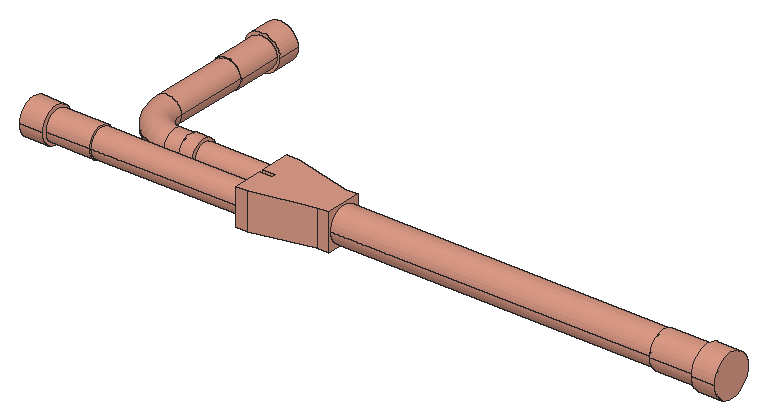
Revit family "outputfile", category 配管付属品, Revit 2024
Family settings
  丸型コネクタ寸法 = 半径を使用
  パーツ タイプ = 標準
  OmniClass 番号 = 23.65.55.00
  OmniClass タイトル = Distribution of Supplied Liquids/Gases
  作業面ベース = いいえ
  常に垂直 = はい
  ロード時にボイドで切り取り = いいえ
  共有 = いいえ
Parameters (values of type "BHFP22R135")
  Description = ""
  製造元 = "Daikin"
  書き出し IFC クラス(タイプ) = "IfcPipeFittingType"
  Default Elevation = 0.0 mm
  定義済み IFC タイプ(タイプ) = "JUNCTION"
  Cost = 0
  モデル = "BHFP22R135"
  Type Comments = ""
  Keynote = ""
  Type Image = (empty or 0)
  Assembly Code = ""
  switch_Offset Reducer(5) [instance] = if(and([judge_JointType(1or2or3)] = 3, Is_PipeToCU_B Reducer = 1, judge_IsOffsetPipe_ToOutdoorUnitB = 1), 1 = 1, 1 = 0)  # no
  switch_Offset Reducer(2) [instance] = if(judge_IsOffsetPipe_ToOutdoorUnitA = 2, 1 = 1, 1 = 0)  # no
  switch_Offset Reducer(1) [instance] = if(judge_IsOffsetPipe_ToOutdoorUnitA = 1, 1 = 1, 1 = 0)  # yes
  table_PipeToCU_B [instance] = if(mm⇔inch, "Multi Module Kit_BHFP22R-_Gas_PipeToCU_B", "Multi Module Kit_BHFP22R-_Gas_PipeToCU_B_inch")  # "Multi Module Kit_BHFP22R-_Gas_PipeToCU_B"
  table_PipeToCU_A [instance] = if(mm⇔inch, "Multi Module Kit_BHFP22R-_Gas_PipeToCU_A", "Multi Module Kit_BHFP22R-_Gas_PipeToCU_A_inch")  # "Multi Module Kit_BHFP22R-_Gas_PipeToCU_A"
  table_ToMainPipe [instance] = if(mm⇔inch, "Multi Module Kit_BHFP22R-_Gas_ToMainPipe", "Multi Module Kit_BHFP22R-_Gas_ToMainPipe_inch")  # "Multi Module Kit_BHFP22R-_Gas_ToMainPipe"
  switch_PipeToCU_B Reducer [instance] = if(and(Is_PipeToCU_B Reducer = 1, judge_IsOffsetPipe_ToOutdoorUnitB = 0), 1 = 1, 1 = 0)  # no
  switch_PipeToCU_B4 [instance] = if(number_PipeToCU_B < 4, 1 = 0, 1 = 1)  # no
  switch_PipeToCU_B3 [instance] = if(number_PipeToCU_B < 3, 1 = 0, 1 = 1)  # no
  switch_PipeToCU_B2 [instance] = if(number_PipeToCU_B < 2, 1 = 0, 1 = 1)  # yes
  switch_PipeToCU_A Reducer [instance] = if(Is_PipeToCU_A Reducer = 1, 1 = 1, 1 = 0)  # yes
  switch_ToMainPipe Reducer [instance] = if(Is_ToMainPipe Reducer = 1, 1 = 1, 1 = 0)  # no
  switch_ToMainPipe2 [instance] = if(number_ToMainPipe < 2, 1 = 0, 1 = 1)  # yes
  switch_Offset Reducer(4) [instance] = if(and([judge_JointType(1or2or3)] = 1, Is_PipeToCU_B Reducer = 1, judge_IsOffsetPipe_ToOutdoorUnitB = 1), 1 = 1, 1 = 0)  # no
  switch_Offset Reducer(3) [instance] = if(and([judge_JointType(1or2or3)] = 2, Is_PipeToCU_B Reducer = 1, judge_IsOffsetPipe_ToOutdoorUnitB = 1), 1 = 1, 1 = 0)  # no
  r_PipeToCU_B_ActualDiameter [instance] = PipeToCU_B_Gas_ActualDiameter / 2  # 17.45 mm
  r_PipeToCU_A_ActualDiameter [instance] = PipeToCU_A_Gas_ActualDiameter / 2  # 17.45 mm
  r_ToMainPipe_ActualDiameter [instance] = ToMainPipe_Gas_ActualDiameter / 2  # 20.65 mm
  number_PipeToCU_B ReducerPipe [instance] = size_lookup(table_PipeToCU_B, "reducerPipeNumber", 2, モデル, judge_IsOffsetPipe_ToOutdoorUnitB, PipeToCU_B_Gas_ActualDiameter)  # 2
  number_PipeToCU_B [instance] = size_lookup(table_PipeToCU_B, "pipeNumber", 2, モデル, judge_IsOffsetPipe_ToOutdoorUnitB, PipeToCU_B_Gas_ActualDiameter)  # 2
  number_PipeToCU_A ReducerPipe [instance] = size_lookup(table_PipeToCU_A, "reducerPipeNumber", 2, モデル, PipeToCU_A_Gas_ActualDiameter)  # 2
  number_ToMainPipe [instance] = size_lookup(table_ToMainPipe, "pipeNumber", 2, モデル, ToMainPipe_Gas_ActualDiameter)  # 2
  mm⇔inch [instance] = yes
  judge_IsOffsetPipe_ToOutdoorUnitA = 1
  Unit Type = "BHFP22R-_Gas"
  Uniclass2015Version = "Products v1.31"
  Uniclass2015Title = "Copper pipe fittings"
  Uniclass2015Code = "Pr_65_52_63_18"
  URL = ""
  ToMainPipe_Gas_Status [instance] = size_lookup(table_ToMainPipe, "Information", "The connected pipe size is not available.", モデル, ToMainPipe_Gas_ActualDiameter)  # "Default connector size is used."
  ToMainPipe_Gas_ActualDiameter [instance] = 41.3 mm
  Tag No. [instance] = ""
  Series = "Multi Module kit"
  PipeToCU_B_Gas_Status [instance] = size_lookup(table_PipeToCU_B, "Information", "The connected pipe size is not available.", モデル, judge_IsOffsetPipe_ToOutdoorUnitB, PipeToCU_B_Gas_ActualDiameter)  # "Default connector size is used."
  PipeToCU_B_Gas_ActualDiameter [instance] = 34.9 mm
  PipeToCU_A_Gas_Status [instance] = size_lookup(table_PipeToCU_A, "Information", "The connected pipe size is not available.", モデル, PipeToCU_A_Gas_ActualDiameter)  # "Reducer is used at connector."
  PipeToCU_A_Gas_ActualDiameter [instance] = 34.9 mm
  Material_Piping = DAIKIN_Copper_Pipe
  Material_Insulation = DAIKIN_White_Insulation
  location_PipeToCU_B connector [instance] = size_lookup(table_PipeToCU_B, "Locationconnector", 0.0 mm, モデル, judge_IsOffsetPipe_ToOutdoorUnitB, PipeToCU_B_Gas_ActualDiameter)  # 0.0 mm
  location_PipeToCU_A connector [instance] = size_lookup(table_PipeToCU_A, "Locationconnector", 144.0 mm, モデル, PipeToCU_A_Gas_ActualDiameter)  # 144.0 mm
  l_PipeToCU_B connector [instance] = size_lookup(table_PipeToCU_B, "Length", 223.0 mm, モデル, judge_IsOffsetPipe_ToOutdoorUnitB, PipeToCU_B_Gas_ActualDiameter)  # 223.0 mm
  l_PipeToCU_B Reducer [instance] = 100.0 mm  # constant formula
  l_PipeToCU_B4 [instance] = size_lookup(table_PipeToCU_B, "L_Pipe4", 2.0 mm, モデル)  # 2.0 mm
  l_PipeToCU_B3 [instance] = size_lookup(table_PipeToCU_B, "L_Pipe3", 2.0 mm, モデル)  # 2.0 mm
  l_PipeToCU_B2 [instance] = size_lookup(table_PipeToCU_B, "L_Pipe2", 24.0 mm, モデル)  # 24.0 mm
  l_PipeToCU_B1 [instance] = size_lookup(table_PipeToCU_B, "L_Pipe1", 46.0 mm, モデル)  # 46.0 mm
  l_PipeToCU_B0 [instance] = size_lookup(table_PipeToCU_B, "L_Pipe0", 153.0 mm, モデル)  # 153.0 mm
  l_PipeToCU_A connector [instance] = size_lookup(table_PipeToCU_A, "Length", 187.0 mm, モデル, PipeToCU_A_Gas_ActualDiameter)  # 187.0 mm
  l_PipeToCU_A1 [instance] = size_lookup(table_PipeToCU_A, "L_Pipe1", 14.0 mm, モデル)  # 14.0 mm
  l_PipeToCU_A0 [instance] = size_lookup(table_PipeToCU_A, "L_Pipe0", 74.0 mm, モデル)  # 74.0 mm
  l_ToMainPipe connector [instance] = size_lookup(table_ToMainPipe, "Length", 404.0 mm, モデル, ToMainPipe_Gas_ActualDiameter)  # 404.0 mm
  l_ToMainPipe Reducer [instance] = size_lookup(table_ToMainPipe, "L_Reducer", 2.0 mm, モデル, ToMainPipe_Gas_ActualDiameter)  # 2.0 mm
  l_ToMainPipe2 [instance] = size_lookup(table_ToMainPipe, "L_Pipe2", 24.0 mm, モデル)  # 24.0 mm
  l_ToMainPipe1 [instance] = size_lookup(table_ToMainPipe, "L_Pipe1", 46.0 mm, モデル)  # 46.0 mm
  l_ToMainPipe0 [instance] = size_lookup(table_ToMainPipe, "L_Pipe0", 334.0 mm, モデル)  # 334.0 mm
  judge_IsOffsetPipe_ToOutdoorUnitB [instance] = if(OffsetPipe_ToNextCU, 1, 0)  # 0
  judge_JointType(1or2or3) = 3
  count_PipeToCU_B Reducer [instance] = size_lookup(table_PipeToCU_B, "reducerCount", 0, モデル, judge_IsOffsetPipe_ToOutdoorUnitB, PipeToCU_B_Gas_ActualDiameter)  # 0
  count_PipeToCU_A Reducer [instance] = size_lookup(table_PipeToCU_A, "reducerCount", 1, モデル, PipeToCU_A_Gas_ActualDiameter)  # 1
  angle_PipeToCU_A Pipe [instance] = if(RotateBranchPipetoCU_A_90°, 90.00°, 0.00°)  # 0.00°
  angle_PipeToCU_A Connector [instance] = angle_PipeToCU_A Pipe + 90.00°  # 90.00°
  PipeToCU_B_Gas_AvailableDiameter [instance] = size_lookup(table_PipeToCU_B, "sizeVariation", "", モデル, judge_IsOffsetPipe_ToOutdoorUnitB)  # "28.6/34.9mm"
  PipeToCU_A_Gas_AvailableDiameter [instance] = size_lookup(table_PipeToCU_A, "sizeVariation", "", モデル)  # "28.6/34.9mm"
  ToMainPipe_Gas_AvailableDiameter [instance] = size_lookup(table_ToMainPipe, "sizeVariation", "", モデル)  # "34.9/41.3mm"
  RotateBranchPipetoCU_A_90° [instance] = no
  OffsetPipe_ToNextCU [instance] = no
  O.D_ToMainPipe Reducer [instance] = size_lookup(table_ToMainPipe, "O.D_reducer", 2.0 mm, モデル, ToMainPipe_Gas_ActualDiameter)  # 2.0 mm
  Link_Nested Family [instance] = ""
  Is_PipeToCU_B Reducer [instance] = size_lookup(table_PipeToCU_B, "IsReducer", 0, モデル, judge_IsOffsetPipe_ToOutdoorUnitB, PipeToCU_B_Gas_ActualDiameter)  # 0
  Is_PipeToCU_A Reducer [instance] = size_lookup(table_PipeToCU_A, "IsReducer", 1, モデル, PipeToCU_A_Gas_ActualDiameter)  # 1
  Is_ToMainPipe Reducer [instance] = size_lookup(table_ToMainPipe, "IsReducer", 0, モデル, ToMainPipe_Gas_ActualDiameter)  # 0
  IfcVersion = ""
  IfcExportType = "JUNCTION"
  IfcExportAs = "IfcPipeFittingType"
  Attach_Insulation [instance] = no
  I.D_PipeToCU_B4 [instance] = size_lookup(table_PipeToCU_B, "I.D_PipeSize4", 2.0 mm, モデル)  # 2.0 mm
  I.D_PipeToCU_B3 [instance] = size_lookup(table_PipeToCU_B, "I.D_PipeSize3", 2.0 mm, モデル)  # 2.0 mm
  I.D_PipeToCU_B2 [instance] = size_lookup(table_PipeToCU_B, "I.D_PipeSize2", 34.9 mm, モデル)  # 34.9 mm
  I.D_PipeToCU_B1 [instance] = size_lookup(table_PipeToCU_B, "I.D_PipeSize1", 28.6 mm, モデル)  # 28.6 mm
  I.D_PipeToCU_B0 [instance] = size_lookup(table_PipeToCU_B, "I.D_PipeSize0", 26.6 mm, モデル)  # 26.6 mm
  I.D_PipeToCU_A1 = 28.6 mm
  I.D_PipeToCU_A0 [instance] = 23.4 mm  # constant formula
  I.D_ToMainPipe Reducer [instance] = size_lookup(table_ToMainPipe, "I.D_reducer", 2.0 mm, モデル, ToMainPipe_Gas_ActualDiameter)  # 2.0 mm
  I.D_ToMainPipe2 [instance] = size_lookup(table_ToMainPipe, "I.D_PipeSize2", 41.3 mm, モデル)  # 41.3 mm
  I.D_ToMainPipe1 [instance] = size_lookup(table_ToMainPipe, "I.D_PipeSize1", 34.9 mm, モデル)  # 34.9 mm
  I.D_ToMainPipe0 [instance] = size_lookup(table_ToMainPipe, "I.D_PipeSize0", 32.9 mm, モデル)  # 32.9 mm
Reference planes
  plane 1 "Center (Front/Back)": y = 0
  plane 2: z = 0
  plane 3 "Center (Left/Right)": x = 225.65
  plane 4: x = 201.65
  plane 5: x = 155.65
  plane 6: x = -178.35
  plane 7: x = -263.35
  plane 8: x = -351.35
  plane 9: x = -416.35
  plane 10: x = -462.35
  plane 11: x = -486.35
  plane 12: x = -488.35
  plane 13: x = -490.35
  plane 14: y = 17.5
  plane 15: y = -17.5
  plane 16: x = -337.35
  plane 17: x = -128.35
  plane 18 "ToMainPipe_connector": x = 225.65
  plane 19 "connector_OutdoorunitA": x = -407.35
  plane 20 "connector_ToOutdoorUnitB": x = -486.35
  plane 21: y = -17.5
  plane 22: z = 19
  plane 23: z = -19
Forms (mm)
  Extrusion 1, solid, material "DAIKIN_Copper_Pipe" <- "Material_Piping"
    sketch origin (0, 0, 0) x (1, 0, 0) y (0, 1, 0)
      loop
        line (-263.35, 2) -> (-251.35, 2) -> (-251.35, -2) -> (-263.35, -2) -> (-263.35, -33.25) -> (-251.35, -33.25) -> (-190.35, -19) -> (-178.35, -19) -> (-178.35, 19) -> (-190.35, 19) -> (-251.35, 33.25) -> (-263.35, 33.25) -> (-263.35, 2)
    from -19 to 19
Dimensions and locks
  locked: plane 6 to plane 17 at 50
  "l_PipeToCU_A0": plane 16 to plane 7
  "l_PipeToCU_A1": plane 8 to plane 16
  "l_PipeToCU_B0": plane 9 to plane 7
  "l_PipeToCU_B1": plane 10 to plane 9
  "l_PipeToCU_B2": plane 11 to plane 10
  "l_PipeToCU_B3": plane 12 to plane 11
  "l_PipeToCU_B4": plane 13 to plane 12
  plane 7 to plane 6 = 85.0 mm
  "l_ToMainPipe1": plane 5 to plane 4
  "l_ToMainPipe2": plane 4 to plane 3 "Center (Left/Right)"
  "l_ToMainPipe0": plane 6 to plane 5
  "l_ToMainPipe connector": plane 6 to plane 18 "ToMainPipe_connector"
  "location_PipeToCU_A connector": plane 19 "connector_OutdoorunitA" to plane 7
  "l_PipeToCU_B connector": plane 20 "connector_ToOutdoorUnitB" to plane 7
  plane 14 to plane 1 "Center (Front/Back)" to plane 15 = 17.5 mm, 17.5 mm
  equal spacing: Extrusion 1 sketch curve, plane 1 "Center (Front/Back)", Extrusion 1 sketch curve  (x3)
  Extrusion 1 sketch curve to Extrusion 1 sketch curve = 38.0 mm
  Extrusion 1 sketch curve to Extrusion 1 sketch curve = 66.5 mm
  plane 7 to Extrusion 1 sketch curve = 12.0 mm  (x2)
  Extrusion 1 sketch curve to plane 6 = 12.0 mm  (x2)
  Extrusion 1 sketch curve to Extrusion 1 sketch curve = 4.0 mm
  "location_PipeToCU_B connector": plane 21 to plane 15
  equal spacing: plane 22, plane 2, plane 23
  locked: plane 22 to plane 23 at 38
  aligned and locked: level to plane 2
  aligned and locked: plane 2 to nested 1
  aligned and locked: plane 1 "Center (Front/Back)" to nested 1
  aligned and locked: plane 3 "Center (Left/Right)" to nested 1
  aligned and locked: plane 4 to nested 1
  aligned and locked: plane 4 to nested 2
  aligned and locked: plane 5 to nested 2
  aligned and locked: plane 5 to nested 3
  aligned and locked: plane 6 to nested 3
  aligned and locked: plane 6 to Extrusion 1
  aligned and locked: plane 7 to nested 4
  aligned and locked: plane 8 to nested 5
  aligned and locked: plane 16 to nested 5
  aligned and locked: nested 5 to plane 14
  aligned and locked: nested 6 to plane 15
  aligned and locked: plane 7 to nested 6
  aligned and locked: plane 9 to nested 6
  aligned and locked: plane 10 to nested 7
  aligned and locked: plane 9 to nested 7
  aligned and locked: plane 11 to nested 8
  aligned and locked: plane 10 to nested 8
  aligned and locked: plane 12 to nested 9
  aligned and locked: plane 11 to nested 9
  aligned and locked: plane 13 to nested 10
  aligned and locked: plane 12 to nested 10
  aligned and locked: nested 10 to plane 15
  aligned and locked: nested 9 to plane 15
  aligned and locked: nested 8 to plane 15
  aligned and locked: nested 7 to plane 15
  aligned and locked: plane 1 "Center (Front/Back)" to nested 11
  aligned and locked: plane 16 to nested 4
  aligned and locked: nested 13 to plane 15
  aligned and locked: nested 14 to plane 15
  aligned and locked: plane 1 "Center (Front/Back)" to nested 15
  aligned and locked: plane 18 "ToMainPipe_connector" to nested 15
  aligned and locked: plane 6 to nested 16
  aligned and locked: plane 1 "Center (Front/Back)" to nested 3
  aligned and locked: plane 14 to nested 17
  aligned and locked: nested 17 to plane 19 "connector_OutdoorunitA"
  aligned and locked: nested 18 to plane 7
  aligned and locked: plane 15 to nested 19
  aligned and locked: nested 19 to plane 10
  aligned and locked: nested 4 to plane 14
  aligned and locked: Extrusion 1 sketch curve to Extrusion 1 sketch curve
  aligned and locked: nested 21 to plane 15
  aligned and locked: plane 6 to nested 11
  aligned and locked: nested 21 to plane 10
  aligned and locked: plane 22 to Extrusion 1
  aligned and locked: Extrusion 1 to plane 23
  aligned and locked: nested 20 to plane 14
  aligned and locked: nested 12 to plane 14
  aligned and locked: nested 18 to plane 21
  aligned and locked: nested 14 to plane 10
  aligned and locked: nested 13 to plane 10
  aligned and locked: plane 8 to nested 20
  aligned and locked: plane 8 to nested 12
Automatic sketch dimensions
  Extrusion 1 sketch curve to plane 7 = 0.0 mm  (x2)
  Extrusion 1 sketch curve to plane 6 = 0.0 mm
Nested families
  nested 1: "daikin_Pipe" at (213.65, 0, 0), I.D_Pipe <- "I.D_ToMainPipe2", display <- "switch_ToMainPipe2", type "*"
    with length_Pipe 24.0 mm, display yes, O.D_Pipe 43.3 mm, I.D_Pipe 41.3 mm
  nested 2: "daikin_Pipe" at (178.65, 0, 0), I.D_Pipe <- "I.D_ToMainPipe1", type "*"
    with length_Pipe 46.0 mm, display yes, O.D_Pipe 36.9 mm, I.D_Pipe 34.9 mm
  nested 3: "daikin_Pipe" at (-11.35, 0, 0), I.D_Pipe <- "I.D_ToMainPipe0", type "*"
    with length_Pipe 334.0 mm, display yes, O.D_Pipe 34.9 mm, I.D_Pipe 32.9 mm
  nested 4: "daikin_Pipe" at (-300.35, 17.5, 0), I.D_Pipe <- "I.D_PipeToCU_A0", type "*"
    with length_Pipe 74.0 mm, display yes, O.D_Pipe 25.4 mm, I.D_Pipe 23.4 mm
  nested 5: "daikin_Pipe" at (-344.35, 17.5, 0), I.D_Pipe <- "I.D_PipeToCU_A1", type "*"
    with length_Pipe 14.0 mm, display yes, O.D_Pipe 30.6 mm, I.D_Pipe 28.6 mm
  nested 6: "daikin_Pipe" at (-339.85, -17.5, 0), I.D_Pipe <- "I.D_PipeToCU_B0", type "*"
    with length_Pipe 153.0 mm, display yes, O.D_Pipe 28.6 mm, I.D_Pipe 26.6 mm
  nested 7: "daikin_Pipe" at (-439.35, -17.5, 0), I.D_Pipe <- "I.D_PipeToCU_B1", type "*"
    with length_Pipe 46.0 mm, display yes, O.D_Pipe 30.6 mm, I.D_Pipe 28.6 mm
  nested 8: "daikin_Pipe" at (-474.35, -17.5, 0), I.D_Pipe <- "I.D_PipeToCU_B2", display <- "switch_PipeToCU_B2", type "*"
    with length_Pipe 24.0 mm, display yes, O.D_Pipe 36.9 mm, I.D_Pipe 34.9 mm
  nested 9: "daikin_Pipe" at (-487.35, -17.5, 0), display <- "switch_PipeToCU_B3", I.D_Pipe <- "I.D_PipeToCU_B3", visible <- "switch_PipeToCU_B3", type "*"
    with length_Pipe 2.0 mm, display no, O.D_Pipe 4.0 mm, I.D_Pipe 2.0 mm
  nested 10: "daikin_Pipe" at (-489.35, -17.5, 0), display <- "switch_PipeToCU_B4", I.D_Pipe <- "I.D_PipeToCU_B4", visible <- "switch_PipeToCU_B4", type "*"
    with length_Pipe 2.0 mm, display no, O.D_Pipe 4.0 mm, I.D_Pipe 2.0 mm
  nested 11: "daikin_MultiModeluKit_Insulation" at (-178.35, 0, 0), display <- "Attach_Insulation", type "*"
    with h 54.2 mm, display no, I.D_Outlet PipeSize 22.2 mm
  nested 12: "daikin_Multi Module kit_Reducer90_rotate_1" at (-351.35, 17.5, 0), number_reducerPipe <- "number_PipeToCU_A ReducerPipe", angle_Pipe <- "angle_PipeToCU_A Pipe", I.D_connector <- "PipeToCU_A_Gas_ActualDiameter", visible <- "switch_Offset Reducer(1)", type "*"
    with number_reducerPipe 2, display_Pipe4 no, display_Pipe3 no, display_Pipe2 yes, display_41.3 no, display_34.9 no, display_28.6 no, angle_Pipe 0.00°, I.D_connector 34.9 mm
  nested 13: "daikin_Multi Module kit_Reducer Offset1" at (-462.35, -17.5, 0), number_reducerPipe <- "number_PipeToCU_B ReducerPipe", visible <- "switch_Offset Reducer(3)", type "*"
    with number_reducerPipe 2, display_Pipe4 no, display_Pipe3 no, display_Pipe2 yes
  nested 14: "daikin_Multi Module kit_Reducer Offset2" at (-462.35, -17.5, 0), number_reducerPipe <- "number_PipeToCU_B ReducerPipe", visible <- "switch_Offset Reducer(4)", type "*"
    with number_reducerPipe 2, display_Pipe2 yes, display_41.3 no, display_34.9 no, I.D_connector 19.1 mm
  nested 15: "daikin_Pipe_reducer" at (224.65, 0, 0), I.D_Pipe1 <- "I.D_ToMainPipe Reducer", O.D_Pipe2 <- "O.D_ToMainPipe Reducer", length_Pipe <- "l_ToMainPipe Reducer", display <- "switch_ToMainPipe Reducer", type "*"
    with length_Pipe 2.0 mm, display no, O.D_Pipe2 2.0 mm, O.D_Pipe1 4.0 mm, I.D_Pipe2 0.0 mm, I.D_Pipe1 2.0 mm
  nested 16: "daikin_connector_rotate3" at (-178.35, 0, 0) x (0, 1, 0) z (0, 0, 1), length <- "l_ToMainPipe connector", type "daikin_connector_rotate3"
    with radius 10.0 mm, length 404.0 mm, angle_vertical 90.00°, angle_horizontal 0.00°
  nested 17: "daikin_connector_rotate3" at (-407.35, 17.5, 0) x (-1, 0, 0) z (0, 0, 1), length <- "l_PipeToCU_A connector", angle_vertical <- "angle_PipeToCU_A Connector", type "daikin_connector_rotate3"
    with radius 10.0 mm, length 187.0 mm, angle_vertical 90.00°, angle_horizontal 0.00°
  nested 18: "daikin_connector_rotate3" at (-263.35, -17.5, 0) x (0, -1, 0) z (0, 0, 1), length <- "l_PipeToCU_B connector", type "daikin_connector_rotate3"
    with radius 10.0 mm, length 223.0 mm, angle_vertical 90.00°, angle_horizontal 0.00°
  nested 19: "daikin_Pipe_reducer3_(6)(10)" at (-512.35, -17.5, 0) x (-1, 0, 0) z (0, 0, 1), visible <- "switch_PipeToCU_B Reducer", number_ReducerPipe <- "number_PipeToCU_B ReducerPipe", type "*"
    with number_ReducerPipe 2, length_Pipe 100.0 mm, display_Pipe2 yes, O.D_Pipe3 28.6 mm, O.D_Pipe2 27.4 mm, O.D_Pipe1 24.2 mm, I.D_Reducer 22.2 mm, I.D_Pipe3 26.6 mm, I.D_Pipe2 25.4 mm, I.D_Pipe1 22.2 mm
  nested 20: "daikin_Multi Module kit_Reducer90_rotate_2" at (-351.35, 17.5, 0), angle_Pipe <- "angle_PipeToCU_A Pipe", I.D_connector <- "PipeToCU_A_Gas_ActualDiameter", visible <- "switch_Offset Reducer(2)", number_reducerPipe <- "number_PipeToCU_A ReducerPipe", type "*"
    with number_reducerPipe 2, display_Pipe4 no, display_Pipe3 no, display_Pipe2 yes, display_41.3 no, display_34.9 no, display_28.6 no, angle_Pipe 0.00°, I.D_connector 34.9 mm
  nested 21: "daikin_Multi Module kit_Reducer Offset3" at (-462.35, -17.5, 0), visible <- "switch_Offset Reducer(5)", I.D_connector <- "PipeToCU_B_Gas_ActualDiameter", number_reducerPipe <- "number_PipeToCU_B ReducerPipe", type "*"
    with number_reducerPipe 2, display_Pipe4 no, display_Pipe3 no, display_Pipe2 yes, I.D_connector 34.9 mm
Connectors
  piping at (225.65, 0, 0), diameter 41.3, driven by "r_ToMainPipe_ActualDiameter"
    settings: on nested 16, index 1, connector inside diameter 609.6 mm, connector length 0.0 mm, flow factor 0, pipe flow 0.00 m³/h, pressure drop 0.0 Pa, fitting loss kfactor 0, connector angle 0.00°, fixture units 0, engagement length 0.0 mm, angle of deflection 0.00°, flow configuration 0, flow direction 1, fitting loss method 0, system type 29, joint type 0, gender type 0, connector reference index -1, connector utility 0, adjustable connector no, is connector primary yes, connector description "Multi Module kit_to Main Pipe_Gas"
  piping at (-407.35, 204.5, 0), diameter 34.9, driven by "r_PipeToCU_A_ActualDiameter"
    settings: on nested 17, index 2, connector inside diameter 609.6 mm, connector length 0.0 mm, flow factor 0, pipe flow 0.00 m³/h, pressure drop 0.0 Pa, fitting loss kfactor 0, connector angle 0.00°, fixture units 0, engagement length 0.0 mm, angle of deflection 0.00°, flow configuration 0, flow direction 2, fitting loss method 0, system type 29, joint type 0, gender type 0, connector reference index -1, connector utility 0, adjustable connector no, is connector primary no, connector description "Multi Module kit_Piping to CU-A_Gas"
  piping at (-486.35, -17.5, 0), diameter 34.9, driven by "r_PipeToCU_B_ActualDiameter"
    settings: on nested 18, index 3, connector inside diameter 609.6 mm, connector length 0.0 mm, flow factor 0, pipe flow 0.00 m³/h, pressure drop 0.0 Pa, fitting loss kfactor 0, connector angle 0.00°, fixture units 0, engagement length 0.0 mm, angle of deflection 0.00°, flow configuration 0, flow direction 2, fitting loss method 0, system type 29, joint type 0, gender type 0, connector reference index -1, connector utility 0, adjustable connector no, is connector primary no, connector description "Multi Module kit_Piping to CU-B_Gas"
Definition of nested family "daikin_Pipe"
  Parameters (values of type "*")
    Default Elevation = 0.0 mm
    material = none
    length_Pipe [instance] = 150.0 mm
    display [instance] = yes
    O.D_Pipe [instance] = I.D_Pipe + 2.0 mm  # 27.0 mm
    I.D_Pipe [instance] = 25.0 mm
  Reference planes
    plane 1 "Center (Front/Back)": y = 0
    plane 2 "center(vertical)": z = 0
    plane 3 "Center (Left/Right)": x = 0
    plane 4 "left": x = -75
    plane 5 "right": x = 75
  Forms (mm)
    Extrusion 1, solid, material <- "material", visible <- "display"
      sketch origin (0, 0, 0) x (0, 1, 0) y (0, 0, 1)
        loop
          circle (0, 0) r 13.5
      from -75 to 75
  Dimensions and locks
    equal spacing: plane 4 "left", plane 3 "Center (Left/Right)", plane 5 "right"
    "length_Pipe": plane 4 "left" to plane 5 "right"
    "O.D_Pipe": diameter of Extrusion 1 sketch curve
    aligned and locked: level to plane 2 "center(vertical)"
    aligned and locked: plane 2 "center(vertical)" to Extrusion 1 sketch curve
    aligned and locked: plane 1 "Center (Front/Back)" to Extrusion 1 sketch curve
    aligned and locked: plane 5 "right" to Extrusion 1
    aligned and locked: Extrusion 1 to plane 4 "left"
Definition of nested family "daikin_Multi Module kit_Reducer90_rotate_1"
  Parameters (values of type "*")
    Default Elevation = 0.0 mm
    number_reducerPipe [instance] = 2
    material_Pipe = none
    display_Pipe4 [instance] = if(number_reducerPipe < 4, 1 = 0, 1 = 1)  # no
    display_Pipe3 [instance] = if(number_reducerPipe < 3, 1 = 0, 1 = 1)  # no
    display_Pipe2 [instance] = if(number_reducerPipe < 2, 1 = 0, 1 = 1)  # yes
    display_41.3 [instance] = no
    display_34.9 [instance] = no
    display_28.6 [instance] = no
    angle_Pipe [instance] = 0.00°
    I.D_connector [instance] = 34.9 mm
  Reference planes
    plane 1 "Center (Front/Back)": y = 0
    plane 2: z = 0
    plane 3 "Center (Left/Right)": x = 0
  Lines and regions (mm)
    reference lines
      curve 1: line (0, 0, 0) -> (0, 585, 0)
      curve 2: line (0, 0, 0) -> (0, 0, 155)
  Dimensions and locks
    locked: curve 1 to curve 2 (angle 90.00°)
    "angle_Pipe": angle plane 2 to curve 1
    aligned and locked: level to plane 2
    aligned and locked: plane 1 "Center (Front/Back)" to curve 1
    aligned and locked: plane 2 to curve 1
    aligned and locked: nested 1 to curve 1
    aligned and locked: nested 1 to curve 2
    aligned and locked: plane 3 "Center (Left/Right)" to nested 1
  Nested families
    nested 1: "daikin_Multi Module kit_Reducer90" at (0, 0, 0), display_Pipe2 <- "display_Pipe2", display_Pipe3 <- "display_Pipe3", display_Pipe4 <- "display_Pipe4", I.D_connector <- "I.D_connector", display_34.9 <- "display_34.9", display_41.3 <- "display_41.3", type "*"
      with display_Pipe4 no, display_Pipe3 no, display_Pipe2 yes, display_41.3 no, display_34.9 no, display_28.6 no, I.D_connector 34.9 mm
  Definition of nested family "daikin_Multi Module kit_Reducer90"
    Parameters (values of type "*")
      Default Elevation = 1219.2 mm
      material_Pipe = none
      display_Pipe4 [instance] = no
      display_Pipe3 [instance] = no
      display_Pipe2 [instance] = yes
      display_41.3 [instance] = no
      display_34.9 [instance] = no
      display_28.6 [instance] = no
      O.D_Pipe4 = 19.1 mm + 2.0 mm  # 21.1 mm
      O.D_Pipe3 = 22.2 mm + 2.0 mm  # 24.2 mm
      O.D_Pipe2 = 34.9 mm + 2.0 mm  # 36.9 mm
      O.D_Pipe1 = 28.6 mm + 2.0 mm  # 30.6 mm
      O.D_Pipe0 = 28.6 mm  # constant formula
      I.D_connector [instance] = 0.0 mm
    Reference planes
      plane 1 "Center (Front/Back)": y = 0
      plane 2 "center_vertical": z = 0
      plane 3 "Center (Left/Right)": x = 0
      plane 4 "center_toOutdoor": x = -56
      plane 5: y = 117
      plane 6: y = 163
      plane 7: y = 187
      plane 8: y = 217
      plane 9: y = 228.5
      plane 10: y = 263
    Forms (mm)
      Sweep 1, solid, material <- "material_Pipe"
        path origin (0, 0, 0) x (1, 0, 0) y (0, 1, 0)
          loop
            line (0, 0) -> (-16, 0)
            arc (-16, 0) -> (-44.284, 11.716) -> (-56, 40) r 40
            line (-56, 40) -> (-56, 117)
        profile origin (-8, 0, 0) x (0, -1, 0) y (0, 0, 1)
          loop
            circle (0, 0) r 14.3
      Extrusion 2, solid, material <- "material_Pipe"
        sketch origin (0, 0, 0) x (1, 0, 0) y (0, 0, 1)
          loop
            circle (-56, 0) r 15.3
        from -163 to -117
      Extrusion 3, solid, material <- "material_Pipe", visible <- "display_Pipe2"
        sketch origin (75, -2.05, 0) x (1, 0, 0) y (0, 0, 1)
          loop
            circle (-131, 0) r 18.45
        from -189.05 to -165.05
      Extrusion 4, solid, material <- "material_Pipe", visible <- "display_Pipe3"
        sketch origin (165, -1.05, 0) x (1, 0, 0) y (0, 0, 1)
          loop
            circle (-221, 0) r 12.1
        from -218.05 to -188.05
      Extrusion 5, solid, material <- "material_Pipe", visible <- "display_Pipe4"
        sketch origin (165, 32.95, 0) x (1, 0, 0) y (0, 0, 1)
          loop
            circle (-221, 0) r 10.55
        from -195.55 to -184.05
    Lines and regions (mm)
      reference lines
        curve 1: line (0, 0, 0) -> (-56, 0, 0)
    Dimensions and locks
      locked: plane 1 "Center (Front/Back)" to plane 5 at 117
      locked: plane 6 to plane 5 at 46
      locked: plane 7 to plane 6 at 24
      locked: plane 8 to plane 7 at 30
      locked: plane 9 to plane 8 at 11.5
      locked: plane 4 "center_toOutdoor" to plane 3 "Center (Left/Right)" at 56
      locked: plane 10 to plane 6 at 100
      "O.D_Pipe3": diameter of Extrusion 4 sketch curve
      "O.D_Pipe4": diameter of Extrusion 5 sketch curve
      "O.D_Pipe2": diameter of Extrusion 3 sketch curve
      "O.D_Pipe0": diameter of Sweep 1 sketch curve
      "O.D_Pipe1": diameter of Extrusion 2 sketch curve
      aligned and locked: level to plane 2 "center_vertical"
      aligned and locked: plane 6 to Extrusion 2
      aligned and locked: Extrusion 2 to plane 5
      aligned and locked: Extrusion 3 to plane 6
      aligned and locked: plane 8 to Extrusion 4
      aligned and locked: Extrusion 4 to plane 7
      aligned and locked: plane 9 to Extrusion 5
      aligned and locked: Extrusion 5 to plane 8
      aligned and locked: Sweep 1 sketch curve to plane 1 "Center (Front/Back)"
      aligned and locked: plane 3 "Center (Left/Right)" to curve 1
      aligned and locked: curve 1 to plane 1 "Center (Front/Back)"
      aligned and locked: plane 7 to Extrusion 3
      aligned and locked: plane 4 "center_toOutdoor" to nested 1
      aligned and locked: plane 6 to nested 1
      aligned and locked: plane 10 to nested 2
      aligned and locked: plane 4 "center_toOutdoor" to nested 2
      aligned and locked: plane 10 to nested 3
      aligned and locked: plane 4 "center_toOutdoor" to nested 3
      aligned and locked: plane 2 "center_vertical" to nested 3
      aligned and locked: plane 2 "center_vertical" to nested 2
      aligned and locked: plane 2 "center_vertical" to nested 1
    Automatic sketch dimensions
      Sweep 1 sketch curve to plane 4 "center_toOutdoor" = 0.0 mm
      Sweep 1 sketch curve to plane 3 "Center (Left/Right)" = 0.0 mm
      Sweep 1 sketch curve to plane 5 = 0.0 mm
      Sweep 1 sketch curve to plane 3 "Center (Left/Right)" = 16.0 mm
      curve 1 to plane 4 "center_toOutdoor" = 0.0 mm
      Sweep 1 sketch curve to level = 0.0 mm
      Sweep 1 sketch curve to profile plane = 0.0 mm
      Extrusion 2 sketch curve to level = 0.0 mm
      Extrusion 2 sketch curve to plane 4 "center_toOutdoor" = 0.0 mm
      Extrusion 3 sketch curve to level = 0.0 mm
      Extrusion 3 sketch curve to plane 4 "center_toOutdoor" = 0.0 mm
      Extrusion 4 sketch curve to level = 0.0 mm
      Extrusion 4 sketch curve to plane 4 "center_toOutdoor" = 0.0 mm
      Extrusion 5 sketch curve to level = 0.0 mm
      Extrusion 5 sketch curve to plane 4 "center_toOutdoor" = 0.0 mm
    Nested families
      nested 1: "daikin_Pipe_reducer" at (-56, 195.25, 0) x (0, 1, 0) z (0, 0, 1), display <- "display_28.6", type "*"
        with length_Pipe 64.5 mm, display no, O.D_Pipe2 28.6 mm, O.D_Pipe1 33.8 mm, I.D_Pipe2 26.6 mm, I.D_Pipe1 31.8 mm
      nested 2: "daikin_Pipe_reducer" at (-56, 295.25, 0) x (0, 1, 0) z (0, 0, 1), display <- "display_34.9", type "*"
        with length_Pipe 64.5 mm, display no, O.D_Pipe2 31.8 mm, O.D_Pipe1 36.9 mm, I.D_Pipe2 29.8 mm, I.D_Pipe1 34.9 mm
      nested 3: "daikin_Pipe_reducer" at (-56, 295.25, 0) x (0, 1, 0) z (0, 0, 1), display <- "display_41.3", type "*"
        with length_Pipe 64.5 mm, display no, O.D_Pipe2 31.8 mm, O.D_Pipe1 43.3 mm, I.D_Pipe2 29.8 mm, I.D_Pipe1 41.3 mm
    Definition of nested family "daikin_Pipe_reducer"
      Parameters (values of type "*")
        Default Elevation = 0.0 mm
        material = none
        length_Pipe [instance] = 250.0 mm
        display [instance] = yes
        O.D_Pipe2 [instance] = 19.1 mm
        O.D_Pipe1 [instance] = I.D_Pipe1 + 2.0 mm  # 24.2 mm
        I.D_Pipe2 [instance] = O.D_Pipe2 - 2.0 mm  # 17.1 mm
        I.D_Pipe1 [instance] = 22.2 mm
      Reference planes
        plane 1 "Center (Front/Back)": y = 0
        plane 2 "center(vertical)": z = 0
        plane 3 "Center (Left/Right)": x = 0
        plane 4 "connection": x = -125
        plane 5 "right": x = 113
        plane 6: x = 125
      Forms (mm)
        Extrusion 1, solid, material <- "material", visible <- "display"
          sketch origin (0, 0, 0) x (0, 1, 0) y (0, 0, 1)
            loop
              circle (0, 0) r 9.55
          from -125 to 113
        Extrusion 2, solid, material <- "material", visible <- "display"
          sketch origin (0, 0, 0) x (0, 1, 0) y (0, 0, 1)
            loop
              circle (0, 0) r 12.1
          from 113 to 125
      Dimensions and locks
        locked: plane 5 "right" to plane 6 at 12
        "length_Pipe": plane 4 "connection" to plane 6
        equal spacing: plane 4 "connection", plane 3 "Center (Left/Right)", plane 6
        "O.D_Pipe2": diameter of Extrusion 1 sketch curve
        "O.D_Pipe1": diameter of Extrusion 2 sketch curve
        aligned and locked: level to plane 2 "center(vertical)"
        aligned and locked: plane 2 "center(vertical)" to Extrusion 1 sketch curve
        aligned and locked: plane 1 "Center (Front/Back)" to Extrusion 1 sketch curve
        aligned and locked: plane 5 "right" to Extrusion 1
        aligned and locked: Extrusion 1 to plane 4 "connection"
        aligned and locked: plane 2 "center(vertical)" to Extrusion 2 sketch curve
        aligned and locked: plane 1 "Center (Front/Back)" to Extrusion 2 sketch curve
        aligned and locked: Extrusion 2 to plane 5 "right"
        aligned and locked: plane 6 to Extrusion 2
Definition of nested family "daikin_Multi Module kit_Reducer Offset1"
  Parameters (values of type "*")
    Default Elevation = 0.0 mm
    number_reducerPipe [instance] = 1
    material = none
    display_Pipe4 [instance] = if(number_reducerPipe < 4, 1 = 0, 1 = 1)  # no
    display_Pipe3 [instance] = if(number_reducerPipe < 3, 1 = 0, 1 = 1)  # no
    display_Pipe2 [instance] = if(number_reducerPipe < 2, 1 = 0, 1 = 1)  # no
    O.D_Pipe4 = 19.1 mm + 2.0 mm  # 21.1 mm
    O.D_Pipe3 = 22.2 mm + 2.0 mm  # 24.2 mm
    O.D_Pipe2 = 34.9 mm + 2.0 mm  # 36.9 mm
    O.D_Pipe1 = 28.6 mm + 2.0 mm  # 30.6 mm
    O.D_Pipe0 = 28.6 mm  # constant formula
  Reference planes
    plane 1 "Center (Front/Back)": y = 0
    plane 2: z = 0
    plane 3 "Center (Left/Right)": x = 0
    plane 4: y = -35
    plane 5: x = -286
    plane 6: x = -300
    plane 7: x = -324
    plane 8: x = -354
    plane 9: x = -365.5
    plane 10: x = -300
    plane 11: x = -133
    plane 12: x = -50
  Forms (mm)
    Extrusion 1, solid, material <- "material"
      sketch origin (-56.734, 401.522, 0) x (0, 1, 0) y (0, 0, 1)
        loop
          circle (-436.522, 0) r 15.3
      from -243.266 to -229.266
    Sweep 2, solid, material <- "material"
      path origin (0, 0, 0) x (1, 0, 0) y (0, 1, 0)
        loop
          line (0, 0) -> (-50, 0)
          arc (-50, 0) -> (-60.197, -1.319) -> (-69.724, -5.188) r 40.091
          line (-69.724, -5.188) -> (-113.321, -29.824)
          arc (-113.321, -29.824) -> (-122.826, -33.684) -> (-133, -35) r 40
          line (-133, -35) -> (-286, -35)
      profile origin (-25, 0, 0) x (0, -1, 0) y (0, 0, 1)
        loop
          circle (0, 0) r 14.3
    Extrusion 3, solid, material <- "material", visible <- "display_Pipe2"
      sketch origin (-94.334, 366.344, 0) x (0, 1, 0) y (0, 0, 1)
        loop
          circle (-401.344, 0) r 18.45
      from -229.666 to -205.666
    Extrusion 4, solid, material <- "material", visible <- "display_Pipe3"
      sketch origin (-124.334, 333.512, 0) x (0, 1, 0) y (0, 0, 1)
        loop
          circle (-368.512, 0) r 12.1
      from -229.666 to -199.666
    Extrusion 5, solid, material <- "material", visible <- "display_Pipe4"
      sketch origin (-161.334, 300.679, 0) x (0, 1, 0) y (0, 0, 1)
        loop
          circle (-335.679, 0) r 10.55
      from -204.166 to -192.666
  Dimensions and locks
    locked: plane 4 to plane 1 "Center (Front/Back)" at 35
    locked: plane 6 to plane 5 at 14
    locked: plane 7 to plane 6 at 24
    locked: plane 8 to plane 7 at 30
    locked: plane 9 to plane 8 at 11.5
    locked: plane 5 to plane 3 "Center (Left/Right)" at 286
    locked: plane 10 to plane 3 "Center (Left/Right)" at 300
    locked: plane 10 to plane 11 at 167
    locked: plane 12 to plane 3 "Center (Left/Right)" at 50
    "O.D_Pipe1": diameter of Extrusion 1 sketch curve
    "O.D_Pipe0": diameter of Sweep 2 sketch curve
    "O.D_Pipe2": diameter of Extrusion 3 sketch curve
    "O.D_Pipe3": diameter of Extrusion 4 sketch curve
    "O.D_Pipe4": diameter of Extrusion 5 sketch curve
    aligned and locked: level to plane 2
    aligned and locked: plane 2 to Sweep 2 sketch curve
    aligned and locked: plane 1 "Center (Front/Back)" to Sweep 2 sketch curve
    aligned and locked: plane 5 to Extrusion 1
    aligned and locked: Extrusion 1 to plane 6
    aligned and locked: plane 4 to Extrusion 5 sketch curve
    aligned and locked: plane 2 to Extrusion 5 sketch curve
    aligned and locked: plane 4 to Extrusion 1 sketch curve
    aligned and locked: plane 2 to Extrusion 1 sketch curve
    aligned and locked: plane 4 to Extrusion 3 sketch curve
    aligned and locked: plane 2 to Extrusion 3 sketch curve
    aligned and locked: plane 4 to Extrusion 4 sketch curve
    aligned and locked: plane 2 to Extrusion 4 sketch curve
    aligned and locked: plane 6 to Extrusion 3
    aligned and locked: Extrusion 3 to plane 7
    aligned and locked: plane 7 to Extrusion 4
    aligned and locked: Extrusion 4 to plane 8
    aligned and locked: plane 8 to Extrusion 5
    aligned and locked: Extrusion 5 to plane 9
    aligned and locked: plane 5 to Sweep 2 sketch curve
    aligned and locked: plane 3 "Center (Left/Right)" to Sweep 2 sketch curve
    aligned and locked: plane 11 to Sweep 2 sketch curve
    aligned and locked: plane 12 to Sweep 2 sketch curve
  Automatic sketch dimensions
    Sweep 2 sketch curve to plane 4 = 0.0 mm
    plane 1 "Center (Front/Back)" to Sweep 2 sketch curve = 0.0 mm
    plane 1 "Center (Front/Back)" to Sweep 2 sketch curve = 5.188 mm
    Sweep 2 sketch curve to plane 1 "Center (Front/Back)" = 5.0 mm
Definition of nested family "daikin_Multi Module kit_Reducer Offset2"
  Parameters (values of type "*")
    Default Elevation = 0.0 mm
    number_reducerPipe [instance] = 2
    material = none
    display_Pipe2 [instance] = if(number_reducerPipe < 2, 1 = 0, 1 = 1)  # yes
    display_41.3 [instance] = I.D_connector = 41.3 mm  # no
    display_34.9 [instance] = I.D_connector = 34.9 mm  # no
    O.D_Pipe2 = 41.3 mm + 2.0 mm  # 43.3 mm
    O.D_Pipe1 = 34.9 mm + 2.0 mm  # 36.9 mm
    O.D_Pipe0 = 34.9 mm  # constant formula
    I.D_connector [instance] = 0.0 mm
  Reference planes
    plane 1 "Center (Front/Back)": y = 0
    plane 2: z = 0
    plane 3 "Center (Left/Right)": x = 0
    plane 4: y = -17.5
    plane 5: x = -235
    plane 6: x = -281
    plane 7: x = -305
    plane 8: x = -305
    plane 9: x = -150
    plane 10: x = -70
  Forms (mm)
    Extrusion 1, solid, material <- "material"
      sketch origin (-56.734, 401.522, 0) x (0, 1, 0) y (0, 0, 1)
        loop
          circle (-419.022, 0) r 18.45
      from -224.266 to -178.266
    Sweep 2, solid, material <- "material"
      path origin (0, 0, 0) x (1, 0, 0) y (0, 1, 0)
        loop
          line (0, 0) -> (-70, 0)
          arc (-70, 0) -> (-78.011, -0.537) -> (-85.879, -2.137) r 60.056
          line (-85.879, -2.137) -> (-134.121, -15.363)
          arc (-134.121, -15.363) -> (-141.989, -16.963) -> (-150, -17.5) r 60.056
          line (-150, -17.5) -> (-235, -17.5)
      profile origin (-35, 0, 0) x (0, -1, 0) y (0, 0, 1)
        loop
          circle (0, 0) r 17.45
    Extrusion 3, solid, material <- "material", visible <- "display_Pipe2"
      sketch origin (-94.334, 366.344, 0) x (0, 1, 0) y (0, 0, 1)
        loop
          circle (-383.844, 0) r 21.65
      from -210.666 to -186.666
  Dimensions and locks
    plane 4 to plane 1 "Center (Front/Back)" = 17.5 mm
    locked: plane 6 to plane 5 at 46
    locked: plane 7 to plane 6 at 24
    locked: plane 5 to plane 3 "Center (Left/Right)" at 235
    locked: plane 8 to plane 3 "Center (Left/Right)" at 305
    locked: plane 10 to plane 3 "Center (Left/Right)" at 70
    locked: plane 8 to plane 9 at 155
    "O.D_Pipe1": diameter of Extrusion 1 sketch curve
    "O.D_Pipe0": diameter of Sweep 2 sketch curve
    "O.D_Pipe2": diameter of Extrusion 3 sketch curve
    aligned and locked: level to plane 2
    aligned and locked: plane 5 to Sweep 2 sketch curve
    aligned and locked: plane 2 to Sweep 2 sketch curve
    aligned and locked: plane 1 "Center (Front/Back)" to Sweep 2 sketch curve
    aligned and locked: plane 5 to Extrusion 1
    aligned and locked: Extrusion 1 to plane 6
    aligned and locked: plane 4 to Extrusion 1 sketch curve
    aligned and locked: plane 2 to Extrusion 1 sketch curve
    aligned and locked: plane 4 to Extrusion 3 sketch curve
    aligned and locked: plane 2 to Extrusion 3 sketch curve
    aligned and locked: plane 6 to Extrusion 3
    aligned and locked: Extrusion 3 to plane 7
    aligned and locked: nested 1 to plane 6
    aligned and locked: plane 4 to nested 1
    aligned and locked: plane 2 to nested 2
    aligned and locked: plane 2 to nested 1
    aligned and locked: nested 2 to plane 6
    aligned and locked: plane 4 to nested 2
    aligned and locked: plane 9 to Sweep 2 sketch curve
    aligned and locked: plane 10 to Sweep 2 sketch curve
  Automatic sketch dimensions
    plane 1 "Center (Front/Back)" to Sweep 2 sketch curve = 0.0 mm
    Sweep 2 sketch curve to plane 3 "Center (Left/Right)" = 0.0 mm
    Sweep 2 sketch curve to plane 4 = 0.0 mm
    plane 4 to Sweep 2 sketch curve = 2.137 mm
    plane 1 "Center (Front/Back)" to Sweep 2 sketch curve = 2.137 mm
  Nested families
    nested 1: "daikin_Pipe_reducer" at (-304.25, -17.5, 0) x (-1, 0, 0) z (0, 0, 1), display <- "display_34.9", type "*"
      with length_Pipe 46.5 mm, display no, O.D_Pipe2 31.8 mm, O.D_Pipe1 36.9 mm, I.D_Pipe2 29.8 mm, I.D_Pipe1 34.9 mm
    nested 2: "daikin_Pipe_reducer" at (-304.25, -17.5, 0) x (-1, 0, 0) z (0, 0, 1), display <- "display_41.3", type "*"
      with length_Pipe 46.5 mm, display no, O.D_Pipe2 31.8 mm, O.D_Pipe1 43.3 mm, I.D_Pipe2 29.8 mm, I.D_Pipe1 41.3 mm
  Definition of nested family "daikin_Pipe_reducer"
    Parameters (values of type "*")
      Default Elevation = 0.0 mm
      material = none
      length_Pipe [instance] = 250.0 mm
      display [instance] = yes
      O.D_Pipe2 [instance] = 19.1 mm
      O.D_Pipe1 [instance] = I.D_Pipe1 + 2.0 mm  # 24.2 mm
      I.D_Pipe2 [instance] = O.D_Pipe2 - 2.0 mm  # 17.1 mm
      I.D_Pipe1 [instance] = 22.2 mm
    Reference planes
      plane 1 "Center (Front/Back)": y = 0
      plane 2 "center(vertical)": z = 0
      plane 3 "Center (Left/Right)": x = 0
      plane 4 "connection": x = -125
      plane 5 "right": x = 113
      plane 6: x = 125
    Forms (mm)
      Extrusion 1, solid, material <- "material", visible <- "display"
        sketch origin (0, 0, 0) x (0, 1, 0) y (0, 0, 1)
          loop
            circle (0, 0) r 9.55
        from -125 to 113
      Extrusion 2, solid, material <- "material", visible <- "display"
        sketch origin (0, 0, 0) x (0, 1, 0) y (0, 0, 1)
          loop
            circle (0, 0) r 12.1
        from 113 to 125
    Dimensions and locks
      locked: plane 5 "right" to plane 6 at 12
      "length_Pipe": plane 4 "connection" to plane 6
      equal spacing: plane 4 "connection", plane 3 "Center (Left/Right)", plane 6
      "O.D_Pipe2": diameter of Extrusion 1 sketch curve
      "O.D_Pipe1": diameter of Extrusion 2 sketch curve
      aligned and locked: level to plane 2 "center(vertical)"
      aligned and locked: plane 2 "center(vertical)" to Extrusion 1 sketch curve
      aligned and locked: plane 1 "Center (Front/Back)" to Extrusion 1 sketch curve
      aligned and locked: plane 5 "right" to Extrusion 1
      aligned and locked: Extrusion 1 to plane 4 "connection"
      aligned and locked: plane 2 "center(vertical)" to Extrusion 2 sketch curve
      aligned and locked: plane 1 "Center (Front/Back)" to Extrusion 2 sketch curve
      aligned and locked: Extrusion 2 to plane 5 "right"
      aligned and locked: plane 6 to Extrusion 2
Definition of nested family "daikin_Pipe_reducer3_(6)(10)"
  Parameters (values of type "*")
    Default Elevation = 0.0 mm
    material = none
    length_Pipe [instance] = 100.0 mm  # constant formula
    display_Pipe2 [instance] = if(number_ReducerPipe = 1, 1 = 0, 1 = 1)  # yes
    number_ReducerPipe [instance] = 0
    O.D_Pipe3 [instance] = 28.6 mm  # constant formula
    O.D_Pipe2 [instance] = I.D_Pipe2 + 2.0 mm  # 27.4 mm
    O.D_Pipe1 [instance] = I.D_Pipe1 + 2.0 mm  # 24.2 mm
    I.D_Reducer [instance] = 0.0 mm
    I.D_Pipe3 [instance] = O.D_Pipe3 - 2.0 mm  # 26.6 mm
    I.D_Pipe2 [instance] = 25.4 mm  # constant formula
    I.D_Pipe1 [instance] = if(I.D_Reducer = 19.1 mm, 19.1 mm, 22.2 mm)  # 22.2 mm
  Reference planes
    plane 1 "Center (Front/Back)": y = 0
    plane 2 "center(vertical)": z = 0
    plane 3 "Center (Left/Right)": x = 0
    plane 4 "connection": x = -50
    plane 5: x = 38
    plane 6: x = 50
  Forms (mm)
    Extrusion 1, solid, material <- "material"
      sketch origin (0, 0, 0) x (0, 1, 0) y (0, 0, 1)
        loop
          circle (0, 0) r 13.7
      from 0 to 38
    Extrusion 2, solid, material <- "material", visible <- "display_Pipe2"
      sketch origin (0, 0, 0) x (0, 1, 0) y (0, 0, 1)
        loop
          circle (0, 0) r 12.1
      from 38 to 50
    Extrusion 3, solid, material <- "material"
      sketch origin (-48, 0, 0) x (0, 1, 0) y (0, 0, 1)
        loop
          circle (0, 0) r 14.3
      from -2 to 48
  Dimensions and locks
    locked: plane 5 to plane 6 at 12
    "length_Pipe": plane 4 "connection" to plane 6
    equal spacing: plane 4 "connection", plane 3 "Center (Left/Right)", plane 6
    locked: plane 4 "connection" to plane 3 "Center (Left/Right)" at 50
    "O.D_Pipe2": diameter of Extrusion 1 sketch curve
    "O.D_Pipe1": diameter of Extrusion 2 sketch curve
    "O.D_Pipe3": diameter of Extrusion 3 sketch curve
    aligned and locked: level to plane 2 "center(vertical)"
    aligned and locked: plane 2 "center(vertical)" to Extrusion 1 sketch curve
    aligned and locked: plane 1 "Center (Front/Back)" to Extrusion 1 sketch curve
    aligned and locked: plane 5 to Extrusion 1
    aligned and locked: plane 2 "center(vertical)" to Extrusion 2 sketch curve
    aligned and locked: plane 1 "Center (Front/Back)" to Extrusion 2 sketch curve
    aligned and locked: Extrusion 2 to plane 5
    aligned and locked: plane 6 to Extrusion 2
    aligned and locked: Extrusion 1 to plane 3 "Center (Left/Right)"
    aligned and locked: plane 1 "Center (Front/Back)" to Extrusion 3 sketch curve
    aligned and locked: plane 2 "center(vertical)" to Extrusion 3 sketch curve
    aligned and locked: plane 3 "Center (Left/Right)" to Extrusion 3
    aligned and locked: Extrusion 3 to plane 4 "connection"
Definition of nested family "daikin_Multi Module kit_Reducer90_rotate_2"
  Parameters (values of type "*")
    Default Elevation = 0.0 mm
    number_reducerPipe [instance] = 1
    material_Pipe = none
    display_Pipe4 [instance] = if(number_reducerPipe < 4, 1 = 0, 1 = 1)  # no
    display_Pipe3 [instance] = if(number_reducerPipe < 3, 1 = 0, 1 = 1)  # no
    display_Pipe2 [instance] = if(number_reducerPipe < 2, 1 = 0, 1 = 1)  # no
    display_41.3 [instance] = no
    display_34.9 [instance] = no
    display_28.6 [instance] = no
    angle_Pipe [instance] = 0.00°
    I.D_connector [instance] = 34.9 mm
  Reference planes
    plane 1 "Center (Front/Back)": y = 0
    plane 2: z = 0
    plane 3 "Center (Left/Right)": x = 0
  Lines and regions (mm)
    reference lines
      curve 1: line (0, 0, 0) -> (0, 480, 0)
      curve 2: line (0, 0, 0) -> (0, 0, 100)
  Dimensions and locks
    locked: curve 1 to curve 2 (angle 90.00°)
    "angle_Pipe": angle plane 2 to curve 1
    aligned and locked: level to plane 2
    aligned and locked: plane 1 "Center (Front/Back)" to curve 1
    aligned and locked: plane 2 to curve 1
    aligned and locked: nested 1 to curve 1
    aligned and locked: nested 1 to curve 2
    aligned and locked: plane 3 "Center (Left/Right)" to nested 1
  Nested families
    nested 1: "daikin_Multi Module kit_Reducer90" at (0, 0, 0), display_Pipe2 <- "display_Pipe2", display_Pipe3 <- "display_Pipe3", display_Pipe4 <- "display_Pipe4", I.D_connector <- "I.D_connector", display_34.9 <- "display_34.9", display_41.3 <- "display_41.3", type "*"
      with display_Pipe4 no, display_Pipe3 no, display_Pipe2 no, display_41.3 no, display_34.9 no, display_28.6 no, I.D_connector 34.9 mm
  Definition of nested family "daikin_Multi Module kit_Reducer90"
    Parameters (values of type "*")
      Default Elevation = 1219.2 mm
      material_Pipe = none
      display_Pipe4 [instance] = no
      display_Pipe3 [instance] = no
      display_Pipe2 [instance] = no
      display_41.3 [instance] = no
      display_34.9 [instance] = no
      display_28.6 [instance] = no
      O.D_Pipe4 = 19.1 mm + 2.0 mm  # 21.1 mm
      O.D_Pipe3 = 22.2 mm + 2.0 mm  # 24.2 mm
      O.D_Pipe2 = 34.9 mm + 2.0 mm  # 36.9 mm
      O.D_Pipe1 = 28.6 mm + 2.0 mm  # 30.6 mm
      O.D_Pipe0 = 25.4 mm  # constant formula
      I.D_connector [instance] = 0.0 mm
    Reference planes
      plane 1 "Center (Front/Back)": y = 0
      plane 2 "center_vertical": z = 0
      plane 3 "Center (Left/Right)": x = 0
      plane 4 "center_toOutdoor": x = -58
      plane 5: y = 193
      plane 6: y = 207
      plane 7: y = 231
      plane 8: y = 261
      plane 9: y = 272.5
      plane 10: y = 307
    Forms (mm)
      Sweep 1, solid, material <- "material_Pipe"
        path origin (0, 0, 0) x (1, 0, 0) y (0, 1, 0)
          loop
            line (0, 0) -> (-18, 0)
            arc (-18, 0) -> (-46.284, 11.716) -> (-58, 40) r 40
            line (-58, 40) -> (-58, 193)
        profile origin (-9, 0, 0) x (0, -1, 0) y (0, 0, 1)
          loop
            circle (0, 0) r 12.7
      Extrusion 2, solid, material <- "material_Pipe"
        sketch origin (0, 0, 0) x (1, 0, 0) y (0, 0, 1)
          loop
            circle (-58, 0) r 15.3
        from -207 to -193
      Extrusion 3, solid, material <- "material_Pipe", visible <- "display_Pipe2"
        sketch origin (75, -2.05, 0) x (1, 0, 0) y (0, 0, 1)
          loop
            circle (-133, 0) r 18.45
        from -233.05 to -209.05
      Extrusion 4, solid, material <- "material_Pipe", visible <- "display_Pipe3"
        sketch origin (165, -1.05, 0) x (1, 0, 0) y (0, 0, 1)
          loop
            circle (-223, 0) r 12.1
        from -262.05 to -232.05
      Extrusion 5, solid, material <- "material_Pipe", visible <- "display_Pipe4"
        sketch origin (165, 32.95, 0) x (1, 0, 0) y (0, 0, 1)
          loop
            circle (-223, 0) r 10.55
        from -239.55 to -228.05
    Lines and regions (mm)
      reference lines
        curve 1: line (0, 0, 0) -> (-58, 0, 0)
    Dimensions and locks
      plane 1 "Center (Front/Back)" to plane 5 = 193.0 mm
      locked: plane 6 to plane 5 at 14
      locked: plane 7 to plane 6 at 24
      locked: plane 8 to plane 7 at 30
      locked: plane 9 to plane 8 at 11.5
      locked: plane 4 "center_toOutdoor" to plane 3 "Center (Left/Right)" at 58
      locked: plane 10 to plane 6 at 100
      "O.D_Pipe3": diameter of Extrusion 4 sketch curve
      "O.D_Pipe4": diameter of Extrusion 5 sketch curve
      "O.D_Pipe2": diameter of Extrusion 3 sketch curve
      "O.D_Pipe0": diameter of Sweep 1 sketch curve
      "O.D_Pipe1": diameter of Extrusion 2 sketch curve
      aligned and locked: level to plane 2 "center_vertical"
      aligned and locked: plane 6 to Extrusion 2
      aligned and locked: Extrusion 2 to plane 5
      aligned and locked: Extrusion 3 to plane 6
      aligned and locked: plane 8 to Extrusion 4
      aligned and locked: Extrusion 4 to plane 7
      aligned and locked: plane 9 to Extrusion 5
      aligned and locked: Extrusion 5 to plane 8
      aligned and locked: Sweep 1 sketch curve to plane 1 "Center (Front/Back)"
      aligned and locked: plane 3 "Center (Left/Right)" to curve 1
      aligned and locked: curve 1 to plane 1 "Center (Front/Back)"
      aligned and locked: plane 7 to Extrusion 3
      aligned and locked: plane 2 "center_vertical" to nested 3
      aligned and locked: plane 2 "center_vertical" to nested 2
      aligned and locked: plane 2 "center_vertical" to nested 1
    Automatic sketch dimensions
      Sweep 1 sketch curve to plane 4 "center_toOutdoor" = 0.0 mm
      Sweep 1 sketch curve to plane 3 "Center (Left/Right)" = 0.0 mm
      Sweep 1 sketch curve to plane 5 = 0.0 mm
      Sweep 1 sketch curve to plane 3 "Center (Left/Right)" = 18.0 mm
      curve 1 to plane 4 "center_toOutdoor" = 0.0 mm
      Sweep 1 sketch curve to level = 0.0 mm
      Sweep 1 sketch curve to profile plane = 0.0 mm
      Extrusion 2 sketch curve to level = 0.0 mm
      Extrusion 2 sketch curve to plane 4 "center_toOutdoor" = 0.0 mm
      Extrusion 3 sketch curve to level = 0.0 mm
      Extrusion 3 sketch curve to plane 4 "center_toOutdoor" = 0.0 mm
      Extrusion 4 sketch curve to level = 0.0 mm
      Extrusion 4 sketch curve to plane 4 "center_toOutdoor" = 0.0 mm
      Extrusion 5 sketch curve to level = 0.0 mm
      Extrusion 5 sketch curve to plane 4 "center_toOutdoor" = 0.0 mm
    Nested families
      nested 1: "daikin_Pipe_reducer" at (-70, 204.125, 0) x (0, 1, 0) z (0, 0, 1), display <- "display_28.6", type "*"
        with length_Pipe 82.25 mm, display no, O.D_Pipe2 28.6 mm, O.D_Pipe1 33.8 mm, I.D_Pipe2 26.6 mm, I.D_Pipe1 31.8 mm
      nested 2: "daikin_Pipe_reducer" at (-70, 313, 0) x (0, 1, 0) z (0, 0, 1), display <- "display_34.9", type "*"
        with length_Pipe 100.0 mm, display no, O.D_Pipe2 31.8 mm, O.D_Pipe1 36.9 mm, I.D_Pipe2 29.8 mm, I.D_Pipe1 34.9 mm
      nested 3: "daikin_Pipe_reducer" at (-70, 313, 0) x (0, 1, 0) z (0, 0, 1), display <- "display_41.3", type "*"
        with length_Pipe 100.0 mm, display no, O.D_Pipe2 31.8 mm, O.D_Pipe1 43.3 mm, I.D_Pipe2 29.8 mm, I.D_Pipe1 41.3 mm
    Definition of nested family "daikin_Pipe_reducer"
      Parameters (values of type "*")
        Default Elevation = 0.0 mm
        material = none
        length_Pipe [instance] = 250.0 mm
        display [instance] = yes
        O.D_Pipe2 [instance] = 19.1 mm
        O.D_Pipe1 [instance] = I.D_Pipe1 + 2.0 mm  # 24.2 mm
        I.D_Pipe2 [instance] = O.D_Pipe2 - 2.0 mm  # 17.1 mm
        I.D_Pipe1 [instance] = 22.2 mm
      Reference planes
        plane 1 "Center (Front/Back)": y = 0
        plane 2 "center(vertical)": z = 0
        plane 3 "Center (Left/Right)": x = 0
        plane 4 "connection": x = -125
        plane 5 "right": x = 113
        plane 6: x = 125
      Forms (mm)
        Extrusion 1, solid, material <- "material", visible <- "display"
          sketch origin (0, 0, 0) x (0, 1, 0) y (0, 0, 1)
            loop
              circle (0, 0) r 9.55
          from -125 to 113
        Extrusion 2, solid, material <- "material", visible <- "display"
          sketch origin (0, 0, 0) x (0, 1, 0) y (0, 0, 1)
            loop
              circle (0, 0) r 12.1
          from 113 to 125
      Dimensions and locks
        locked: plane 5 "right" to plane 6 at 12
        "length_Pipe": plane 4 "connection" to plane 6
        equal spacing: plane 4 "connection", plane 3 "Center (Left/Right)", plane 6
        "O.D_Pipe2": diameter of Extrusion 1 sketch curve
        "O.D_Pipe1": diameter of Extrusion 2 sketch curve
        aligned and locked: level to plane 2 "center(vertical)"
        aligned and locked: plane 2 "center(vertical)" to Extrusion 1 sketch curve
        aligned and locked: plane 1 "Center (Front/Back)" to Extrusion 1 sketch curve
        aligned and locked: plane 5 "right" to Extrusion 1
        aligned and locked: Extrusion 1 to plane 4 "connection"
        aligned and locked: plane 2 "center(vertical)" to Extrusion 2 sketch curve
        aligned and locked: plane 1 "Center (Front/Back)" to Extrusion 2 sketch curve
        aligned and locked: Extrusion 2 to plane 5 "right"
        aligned and locked: plane 6 to Extrusion 2
Definition of nested family "daikin_Multi Module kit_Reducer Offset3"
  Parameters (values of type "*")
    Default Elevation = 0.0 mm
    number_reducerPipe [instance] = 2
    material = none
    display_Pipe4 [instance] = if(number_reducerPipe < 4, 1 = 0, 1 = 1)  # no
    display_Pipe3 [instance] = if(number_reducerPipe < 3, 1 = 0, 1 = 1)  # no
    display_Pipe2 [instance] = if(number_reducerPipe < 2, 1 = 0, 1 = 1)  # yes
    O.D_Pipe4 = 19.1 mm + 2.0 mm  # 21.1 mm
    O.D_Pipe3 = 22.2 mm + 2.0 mm  # 24.2 mm
    O.D_Pipe2 = 34.9 mm + 2.0 mm  # 36.9 mm
    O.D_Pipe1 = 28.6 mm + 2.0 mm  # 30.6 mm
    O.D_Pipe0 = 28.6 mm  # constant formula
    I.D_connector [instance] = 34.9 mm
  Reference planes
    plane 1 "Center (Front/Back)": y = 0
    plane 2: z = 0
    plane 3 "Center (Left/Right)": x = 0
    plane 4: y = -35
    plane 5: x = -240
    plane 6: x = -286
    plane 7: x = -310
    plane 8: x = -340
    plane 9: x = -351.5
    plane 10: x = -310
    plane 11: x = -133
    plane 12: x = -50
  Forms (mm)
    Extrusion 1, solid, material <- "material"
      sketch origin (-56.734, 401.522, 0) x (0, 1, 0) y (0, 0, 1)
        loop
          circle (-436.522, 0) r 15.3
      from -229.266 to -183.266
    Sweep 2, solid, material <- "material"
      path origin (0, 0, 0) x (1, 0, 0) y (0, 1, 0)
        loop
          line (0, 0) -> (-50, 0)
          arc (-50, 0) -> (-60.197, -1.319) -> (-69.724, -5.188) r 40.091
          line (-69.724, -5.188) -> (-113.321, -29.824)
          arc (-113.321, -29.824) -> (-122.826, -33.684) -> (-133, -35) r 40
          line (-133, -35) -> (-240, -35)
      profile origin (-25, 0, 0) x (0, -1, 0) y (0, 0, 1)
        loop
          circle (0, 0) r 14.3
    Extrusion 3, solid, material <- "material", visible <- "display_Pipe2"
      sketch origin (-94.334, 366.344, 0) x (0, 1, 0) y (0, 0, 1)
        loop
          circle (-401.344, 0) r 18.45
      from -215.666 to -191.666
    Extrusion 4, solid, material <- "material", visible <- "display_Pipe3"
      sketch origin (-124.334, 333.512, 0) x (0, 1, 0) y (0, 0, 1)
        loop
          circle (-368.512, 0) r 12.1
      from -215.666 to -185.666
